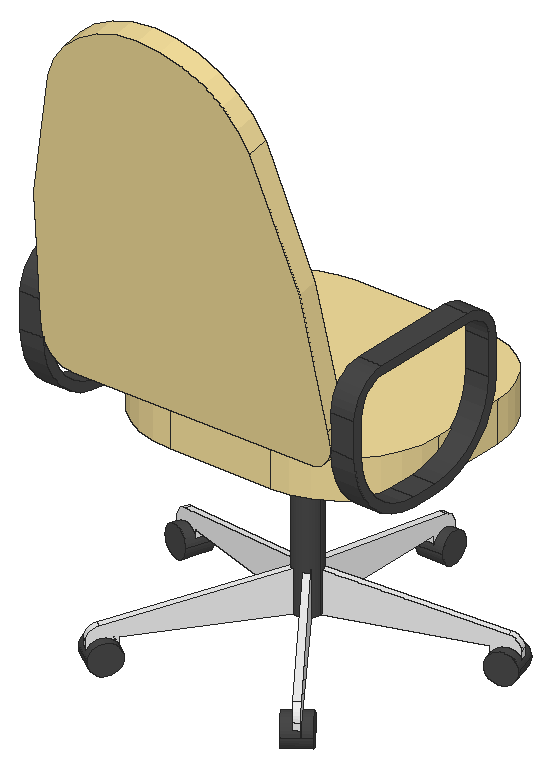
Revit family
Parameters (values of type "recept_chair")
  Assembly Code = ""
  Seat/Back Material = BVH - Leather (black)
  Legs = BVH - Metal (chair legs)
  Casters Material = BVH - Plastic (black, smooth)
  Base/Arms Material = BVH - Plastic (black)
Reference planes (in)
  plane 1 "Center Front/Back": y = 0
  plane 2: z = 0
  plane 3 "Center Left/Right": x = 0
  plane 4: x = -10.75
  plane 5: x = 10.75
  plane 6: through (0, -3.02322, -17.41385) normal (0, 0.9848, 0.1736)
Forms (in)
  Extrusion 1, solid, material "BVH - Metal (chair legs)" <- "Legs"
    sketch origin (0, -9.42335, -5.42794) x (0, 1, 0) y (0, 0, 1)
      loop
        line (20.92335, 7.53731) -> (20.92335, 6.53731) -> (22.92335, 6.53731) -> (22.92335, 7.49413)
        arc (22.92335, 7.49413) -> (22.68939, 8.13691) -> (22.097, 8.47893) r 1
        line (22.097, 8.47893) -> (10.42335, 10.53731) -> (9.42335, 10.53731) -> (9.42335, 7.53731) -> (20.92335, 7.53731)
    from 0.25 to -0.25
  Extrusion 2, solid, material "BVH - Plastic (black, smooth)" <- "Casters Material"
    sketch origin (0, -8.80898, -0.79815) x (0, 1, 0) y (0, 0, 1)
      loop
        circle (21.30898, 1.90752) r 1.10938
    from 1 to -1
  Extrusion 3, solid, material "BVH - Metal (chair legs)" <- "Legs"
    sketch origin (-8.96214, -2.91197, -5.42794) x (0.951057, 0.309017, 0) y (0, 0, 1)
      loop
        line (20.92335, 7.53731) -> (20.92335, 6.53731) -> (22.92335, 6.53731) -> (22.92335, 7.49413)
        arc (22.92335, 7.49413) -> (22.68939, 8.13691) -> (22.097, 8.47893) r 1
        line (22.097, 8.47893) -> (10.42335, 10.53731) -> (9.42335, 10.53731) -> (9.42335, 7.53731) -> (20.92335, 7.53731)
    from 0.25 to -0.25
  Extrusion 4, solid, material "BVH - Plastic (black, smooth)" <- "Casters Material"
    sketch origin (-8.37784, -2.72213, -0.79815) x (0.951057, 0.309017, 0) y (0, 0, 1)
      loop
        circle (21.30898, 1.90752) r 1.10938
    from 1 to -1
  Extrusion 5, solid, material "BVH - Metal (chair legs)" <- "Legs"
    sketch origin (8.96214, -2.91197, -5.42794) x (-0.951057, 0.309017, 0) y (0, 0, 1)
      loop
        line (20.92335, 7.53731) -> (20.92335, 6.53731) -> (22.92335, 6.53731) -> (22.92335, 7.49413)
        arc (22.92335, 7.49413) -> (22.68939, 8.13691) -> (22.097, 8.47893) r 1
        line (22.097, 8.47893) -> (10.42335, 10.53731) -> (9.42335, 10.53731) -> (9.42335, 7.53731) -> (20.92335, 7.53731)
    from 0.25 to -0.25
  Extrusion 6, solid, material "BVH - Plastic (black, smooth)" <- "Casters Material"
    sketch origin (8.37784, -2.72213, -0.79815) x (-0.951057, 0.309017, 0) y (0, 0, 1)
      loop
        circle (21.30898, 1.90752) r 1.10938
    from 1 to -1
  Extrusion 7, solid, material "BVH - Metal (chair legs)" <- "Legs"
    sketch origin (5.53891, 7.62365, -5.42794) x (-0.587785, -0.809017, 0) y (0, 0, 1)
      loop
        line (20.92335, 7.53731) -> (20.92335, 6.53731) -> (22.92335, 6.53731) -> (22.92335, 7.49413)
        arc (22.92335, 7.49413) -> (22.68939, 8.13691) -> (22.097, 8.47893) r 1
        line (22.097, 8.47893) -> (10.42335, 10.53731) -> (9.42335, 10.53731) -> (9.42335, 7.53731) -> (20.92335, 7.53731)
    from 0.25 to -0.25
  Extrusion 8, solid, material "BVH - Plastic (black, smooth)" <- "Casters Material"
    sketch origin (5.17779, 7.12662, -0.79815) x (-0.587785, -0.809017, 0) y (0, 0, 1)
      loop
        circle (21.30898, 1.90752) r 1.10938
    from 1 to -1
  Extrusion 9, solid, material "BVH - Metal (chair legs)" <- "Legs"
    sketch origin (-5.53891, 7.62365, -5.42794) x (0.587785, -0.809017, 0) y (0, 0, 1)
      loop
        line (20.92335, 7.53731) -> (20.92335, 6.53731) -> (22.92335, 6.53731) -> (22.92335, 7.49413)
        arc (22.92335, 7.49413) -> (22.68939, 8.13691) -> (22.097, 8.47893) r 1
        line (22.097, 8.47893) -> (10.42335, 10.53731) -> (9.42335, 10.53731) -> (9.42335, 7.53731) -> (20.92335, 7.53731)
    from 0.25 to -0.25
  Extrusion 10, solid, material "BVH - Plastic (black, smooth)" <- "Casters Material"
    sketch origin (-5.17779, 7.12662, -0.79815) x (0.587785, -0.809017, 0) y (0, 0, 1)
      loop
        circle (21.30898, 1.90752) r 1.10938
    from 1 to -1
  Extrusion 11, solid, material "BVH - Plastic (black)" <- "Base/Arms Material"
    sketch origin (0, 0, 0) x (1, 0, 0) y (0, 1, 0)
      loop
        circle (0, 0) r 1
    from 2.10938 to 15.125
  Extrusion 12, solid, material "BVH - Plastic (black)" <- "Base/Arms Material"
    sketch origin (0, -4.77864, -11.70384) x (0, 1, 0) y (0, 0, 1)
      loop
        line (6.77864, 26.82884) -> (3.27864, 26.82884) -> (3.27864, 22.86399) -> (4.77864, 22.86399) -> (6.77864, 26.32884) -> (6.77864, 26.82884)
    from 2 to -2
  Extrusion 13, solid, material "Chair_material - Yellow-pale"
    sketch origin (0, -1.69026, 0) x (1, 0, 0) y (0, 1, 0)
      loop
        arc (-4.75, 12.04263) -> (-8.99264, 10.28528) -> (-10.75, 6.04263) r 6
        line (-10.75, 6.04263) -> (-10.75, 0.54263)
        arc (-10.75, 0.54263) -> (-8.69975, -4.40711) -> (-3.75, -6.45737) r 7
        line (-3.75, -6.45737) -> (3.75, -6.45737)
        arc (3.75, -6.45737) -> (8.69975, -4.40711) -> (10.75, 0.54263) r 7
        line (10.75, 0.54263) -> (10.75, 6.04263)
        arc (10.75, 6.04263) -> (8.99264, 10.28528) -> (4.75, 12.04263) r 6
        line (4.75, 12.04263) -> (-4.75, 12.04263)
    from 15.10938 to 18
  Sweep 14, solid, material "BVH - Plastic (black)" <- "Base/Arms Material"
    path origin (0, -3.35733, 0) x (0, 1, 0) y (0, 0, 1)
      loop
        line (2.73233, 25.99861) -> (-5.26767, 25.99861)
        arc (-5.26767, 25.99861) -> (-6.68188, 25.41282) -> (-7.26767, 23.99861) r 2
        line (-7.26767, 23.99861) -> (-7.26767, 21.49861)
        arc (-7.26767, 21.49861) -> (-5.8032, 17.96307) -> (-2.26767, 16.49861) r 5
        line (-2.26767, 16.49861) -> (-0.26767, 16.49861)
        arc (-0.26767, 16.49861) -> (3.26786, 17.96307) -> (4.73233, 21.49861) r 5
        line (4.73233, 21.49861) -> (4.73233, 23.99861)
        arc (4.73233, 23.99861) -> (4.14654, 25.41282) -> (2.73233, 25.99861) r 2
    profile origin (0, -4.625, 25.99861) x (0, 0, -1) y (1, 0, 0)
      loop
        line (0, 10.75) -> (0, 12.5) -> (-0.625, 12.5) -> (-0.625, 10.75) -> (0, 10.75)
  Sweep 15, solid, material "BVH - Plastic (black)" <- "Base/Arms Material"
    path origin (-23.25, -3.35733, 0) x (0, 1, 0) y (0, 0, 1)
      loop
        line (2.73233, 25.99861) -> (-5.26767, 25.99861)
        arc (-5.26767, 25.99861) -> (-6.68188, 25.41282) -> (-7.26767, 23.99861) r 2
        line (-7.26767, 23.99861) -> (-7.26767, 21.49861)
        arc (-7.26767, 21.49861) -> (-5.8032, 17.96307) -> (-2.26767, 16.49861) r 5
        line (-2.26767, 16.49861) -> (-0.26767, 16.49861)
        arc (-0.26767, 16.49861) -> (3.26786, 17.96307) -> (4.73233, 21.49861) r 5
        line (4.73233, 21.49861) -> (4.73233, 23.99861)
        arc (4.73233, 23.99861) -> (4.14654, 25.41282) -> (2.73233, 25.99861) r 2
    profile origin (-23.25, -4.625, 25.99861) x (0, 0, -1) y (1, 0, 0)
      loop
        line (0, 10.75) -> (0, 12.5) -> (-0.625, 12.5) -> (-0.625, 10.75) -> (0, 10.75)
  Extrusion 16, solid, material "Chair_material - Yellow-pale"
    sketch origin (0, -7.52159, 0.29969) x (1, 0, 0) y (0, -0.173648, 0.984808)
      loop
        line (-8.75, 19.72656) -> (8.75, 19.72656)
        arc (8.75, 19.72656) -> (10.16421, 20.31235) -> (10.75, 21.72656) r 2
        line (10.75, 21.72656) -> (10.75, 22.85156)
        arc (10.75, 22.85156) -> (9.95142, 32.60822) -> (7.57692, 42.10515) r 60
        arc (7.57692, 42.10515) -> (0, 47.53801) -> (-7.57692, 42.10515) r 8
        arc (-7.57692, 42.10515) -> (-9.95142, 32.60822) -> (-10.75, 22.85156) r 60
        line (-10.75, 22.85156) -> (-10.75, 21.72656)
        arc (-10.75, 21.72656) -> (-10.16421, 20.31235) -> (-8.75, 19.72656) r 2
    from 0 to -1.5
Lines and regions (in)
  symbolic lines
    curve 1: arc (-4.75, 10.35238, 0) -> (-8.99264, 8.59502, 0) -> (-10.75, 4.35238, 0) r 6
    curve 2: line (4.75, 10.35238, 0) -> (-4.75, 10.35238, 0)
    curve 3: arc (10.75, 4.35238, 0) -> (8.99264, 8.59502, 0) -> (4.75, 10.35238, 0) r 6
    curve 4: line (10.75, -1.14762, 0) -> (10.75, 4.35238, 0)
    curve 5: arc (3.75, -8.14762, 0) -> (8.69975, -6.09737, 0) -> (10.75, -1.14762, 0) r 7
    curve 6: line (-3.75, -8.14762, 0) -> (3.75, -8.14762, 0)
    curve 7: arc (-10.75, -1.14762, 0) -> (-8.69975, -6.09737, 0) -> (-3.75, -8.14762, 0) r 7
    curve 8: line (-10.75, 4.35238, 0) -> (-10.75, -1.14762, 0)
    curve 9: line (-12.5, 2, 0) -> (-12.5, -11.25, 0)
    curve 10: line (-10.75, -11.48973, 0) -> (-10.75, 2, 0)
    curve 11: line (10.75, -1.14762, 0) -> (10.75, -11.48973, 0)
    curve 12: line (12.5, -11.25, 0) -> (12.5, 2, 0)
    curve 13: spline (7.57692, -14.83308, 0) -> (6.88612, -15.0944, 0) -> (5.9003, -15.32542, 0) -> (4.6617, -15.51626, 0) -> (3.22338, -15.65873, 0) -> (1.64697, -15.74672, 0) -> (0, -15.77648, 0) -> (-1.64697, -15.74672, 0) -> (-3.22338, -15.65873, 0) -> (-4.6617, -15.51626, 0) -> (-5.9003, -15.32542, 0) -> (-6.88612, -15.0944, 0) -> (-7.57692, -14.83308, 0)
    curve 14: spline (-7.57692, -14.83308, 0) -> (-8.07994, -14.56324, 0) -> (-8.54047, -14.29113, 0) -> (-8.95818, -14.01694, 0) -> (-9.33275, -13.74087, 0) -> (-9.66391, -13.46314, 0) -> (-9.95142, -13.18395, 0) -> (-10.19505, -12.9035, 0) -> (-10.39464, -12.62201, 0) -> (-10.55002, -12.33967, 0) -> (-10.66109, -12.05671, 0) -> (-10.72777, -11.77332, 0) -> (-10.75, -11.48973, 0)
    curve 15: spline (10.75, -11.48973, 0) -> (10.72777, -11.77332, 0) -> (10.66109, -12.05671, 0) -> (10.55002, -12.33967, 0) -> (10.39464, -12.62201, 0) -> (10.19505, -12.9035, 0) -> (9.95142, -13.18395, 0) -> (9.66391, -13.46314, 0) -> (9.33275, -13.74087, 0) -> (8.95818, -14.01694, 0) -> (8.54047, -14.29113, 0) -> (8.07994, -14.56324, 0) -> (7.57692, -14.83308, 0)
    curve 16: line (-10.74696, 4.54336, 0) -> (-12.63427, 5.15658, 0)
    curve 17: line (-13.2523, 3.25447, 0) -> (-11.14215, 2.56884, 0)
    curve 18: line (-1, 13.60937, 0) -> (-1, 11.39062, 0)
    curve 19: line (1, 11.39062, 0) -> (1, 13.60937, 0)
    curve 20: line (12.63427, 5.15658, 0) -> (10.74696, 4.54336, 0)
    curve 21: line (11.14215, 2.56884, 0) -> (13.2523, 3.25447, 0)
    curve 22: line (10.75, 2, 0) -> (12.5, 2, 0)
    curve 23: line (12.5, -11.25, 0) -> (10.75, -11.25, 0)
    curve 24: line (-12.5, -11.25, 0) -> (-10.75, -11.25, 0)
    curve 25: line (-12.5, 2, 0) -> (-10.75, 2, 0)
    curve 26: line (-13.2523, 3.25447, 0) -> (-12.63427, 5.15658, 0)
    curve 27: line (-11.14215, 2.56884, 0) -> (-10.75, 3.77574, 0)
    curve 28: line (13.2523, 3.25447, 0) -> (12.63427, 5.15658, 0)
    curve 29: line (11.14215, 2.56884, 0) -> (10.75, 3.77574, 0)
    curve 30: line (-1, 13.60937, 0) -> (1, 13.60937, 0)
    curve 31: line (1, 11.39062, 0) -> (-1, 11.39062, 0)
    curve 32: line (-0.25, 11.39062, 0) -> (-0.25, 10.35238, 0)
    curve 33: line (0.25, 11.39062, 0) -> (0.25, 10.35238, 0)
Dimensions and locks (in)
  equal spacing: plane 4, plane 3 "Center Left/Right", plane 5
  plane 4 to plane 5 = 1' - 9 1/2"
Automatic sketch dimensions
  Extrusion 1 sketch curve to plane 1 "Center Front/Back" = 0' - 0"
  Extrusion 1 sketch curve to plane 1 "Center Front/Back" = 0' - 1"
  level to Extrusion 1 sketch curve = 0' - 2 7/64"
  Extrusion 1 sketch curve to Extrusion 1 sketch curve = 0' - 10 1/2"
  Extrusion 1 sketch curve to Extrusion 1 sketch curve = 0' - 1"  (x3)
  Extrusion 1 sketch curve to Extrusion 1 sketch curve = 0' - 0.17365"
  Extrusion 1 sketch curve to Extrusion 1 sketch curve = 0' - 0.04319"
  Extrusion 1 sketch curve to Extrusion 1 sketch curve = 0' - 3"
  level to Extrusion 2 sketch curve = 0' - 1 7/64"
  Extrusion 2 sketch curve to plane 1 "Center Front/Back" = 1' - 0 1/2"
  level to Extrusion 3 sketch curve = 0' - 2 7/64"
  Extrusion 3 sketch curve to Extrusion 3 sketch curve = 0' - 1"  (x4)
  Extrusion 3 sketch curve to Extrusion 3 sketch curve = 0' - 10 1/2"
  Extrusion 3 sketch curve to Extrusion 3 sketch curve = 0' - 0.17365"
  Extrusion 3 sketch curve to Extrusion 3 sketch curve = 0' - 0.04319"
  Extrusion 3 sketch curve to Extrusion 3 sketch curve = 0' - 3"
  level to Extrusion 4 sketch curve = 0' - 1 7/64"
  level to Extrusion 5 sketch curve = 0' - 2 7/64"
  Extrusion 5 sketch curve to Extrusion 5 sketch curve = 0' - 1"  (x4)
  Extrusion 5 sketch curve to Extrusion 5 sketch curve = 0' - 10 1/2"
  Extrusion 5 sketch curve to Extrusion 5 sketch curve = 0' - 0.17365"
  Extrusion 5 sketch curve to Extrusion 5 sketch curve = 0' - 0.04319"
  Extrusion 5 sketch curve to Extrusion 5 sketch curve = 0' - 3"
  level to Extrusion 6 sketch curve = 0' - 1 7/64"
  level to Extrusion 7 sketch curve = 0' - 2 7/64"
  Extrusion 7 sketch curve to Extrusion 7 sketch curve = 0' - 1"  (x4)
  Extrusion 7 sketch curve to Extrusion 7 sketch curve = 0' - 10 1/2"
  Extrusion 7 sketch curve to Extrusion 7 sketch curve = 0' - 0.17365"
  Extrusion 7 sketch curve to Extrusion 7 sketch curve = 0' - 0.04319"
  Extrusion 7 sketch curve to Extrusion 7 sketch curve = 0' - 3"
  level to Extrusion 8 sketch curve = 0' - 1 7/64"
  level to Extrusion 9 sketch curve = 0' - 2 7/64"
  Extrusion 9 sketch curve to Extrusion 9 sketch curve = 0' - 1"  (x4)
  Extrusion 9 sketch curve to Extrusion 9 sketch curve = 0' - 10 1/2"
  Extrusion 9 sketch curve to Extrusion 9 sketch curve = 0' - 0.17365"
  Extrusion 9 sketch curve to Extrusion 9 sketch curve = 0' - 0.04319"
  Extrusion 9 sketch curve to Extrusion 9 sketch curve = 0' - 3"
  level to Extrusion 10 sketch curve = 0' - 1 7/64"
  Extrusion 11 sketch curve to plane 1 "Center Front/Back" = 0' - 0"
  Extrusion 11 sketch curve to plane 3 "Center Left/Right" = 0' - 0"
  Extrusion 12 sketch curve to plane 1 "Center Front/Back" = 0' - 0"
  plane 1 "Center Front/Back" to Extrusion 12 sketch curve = 0' - 1 1/2"
  Extrusion 12 sketch curve to plane 1 "Center Front/Back" = 0' - 2"
  level to Extrusion 12 sketch curve = 0' - 11 41/256"
  Extrusion 12 sketch curve to Extrusion 12 sketch curve = 0' - 3 119/256"
  Extrusion 12 sketch curve to Extrusion 12 sketch curve = 0' - 0 1/2"
  Extrusion 13 sketch curve to plane 4 = 0' - 0"
  Extrusion 13 sketch curve to plane 5 = 0' - 0"
  Extrusion 13 sketch curve to plane 3 "Center Left/Right" = 0' - 4 3/4"
  Extrusion 13 sketch curve to plane 3 "Center Left/Right" = 0' - 3 3/4"
  plane 3 "Center Left/Right" to Extrusion 13 sketch curve = 0' - 3 3/4"
  plane 3 "Center Left/Right" to Extrusion 13 sketch curve = 0' - 4 3/4"
  plane 1 "Center Front/Back" to Extrusion 13 sketch curve = 0' - 8.14762"
  Extrusion 13 sketch curve to plane 1 "Center Front/Back" = 0' - 4.35238"
  plane 1 "Center Front/Back" to Sweep 14 sketch curve = 0' - 10 5/8"
  Sweep 14 sketch curve to Sweep 14 sketch curve = 0' - 2"  (x2)
  plane 1 "Center Front/Back" to Sweep 14 sketch curve = 0' - 5 5/8"
  plane 1 "Center Front/Back" to Sweep 14 sketch curve = 0' - 3 5/8"
  plane 1 "Center Front/Back" to Sweep 14 sketch curve = 0' - 0 5/8"
  level to Sweep 14 sketch curve = 1' - 4.49861"
  Sweep 14 sketch curve to Sweep 14 sketch curve = 0' - 2 1/2"
  Sweep 14 sketch curve to profile plane = 0' - 0"
  profile plane to Sweep 14 sketch curve = 0' - 0 5/8"
  plane 3 "Center Left/Right" to Sweep 14 sketch curve = 0' - 10 3/4"
  Sweep 14 sketch curve to Sweep 14 sketch curve = 0' - 1 3/4"
  plane 1 "Center Front/Back" to Sweep 15 sketch curve = 0' - 10 5/8"
  Sweep 15 sketch curve to Sweep 15 sketch curve = 0' - 2"  (x2)
  plane 1 "Center Front/Back" to Sweep 15 sketch curve = 0' - 5 5/8"
  plane 1 "Center Front/Back" to Sweep 15 sketch curve = 0' - 3 5/8"
  plane 1 "Center Front/Back" to Sweep 15 sketch curve = 0' - 0 5/8"
  level to Sweep 15 sketch curve = 1' - 4.49861"
  Sweep 15 sketch curve to Sweep 15 sketch curve = 0' - 2 1/2"
  Sweep 15 sketch curve to profile plane = 0' - 0"
  Sweep 15 sketch curve to Sweep 15 sketch curve = 0' - 0 5/8"
  profile plane to Sweep 15 sketch curve = 0' - 10 3/4"
  Sweep 15 sketch curve to Sweep 15 sketch curve = 0' - 1 3/4"
  Extrusion 16 sketch curve to plane 4 = 0' - 0"
  Extrusion 16 sketch curve to plane 3 "Center Left/Right" = 0' - 0"
  Extrusion 16 sketch curve to plane 5 = 0' - 0"
  plane 4 to Extrusion 16 sketch curve = 0' - 2"
  plane 4 to Extrusion 16 sketch curve = 0' - 3.17308"
  Extrusion 16 sketch curve to Extrusion 16 sketch curve = 0' - 0"  (x2)
  plane 5 to Extrusion 16 sketch curve = 0' - 3.17308"
  plane 5 to Extrusion 16 sketch curve = 0' - 2"
  Extrusion 16 sketch curve to Extrusion 16 sketch curve = 0' - 1 1/8"
  Extrusion 16 sketch curve to Extrusion 16 sketch curve = 0' - 2.56715"
  curve 24 to plane 4 = 0' - 0"
  curve 27 to plane 4 = 0' - 0"
  curve 13 to plane 3 "Center Left/Right" = 0' - 0"
  curve 22 to plane 5 = 0' - 0"
  curve 17 to plane 4 = 0' - 0.39215"
  curve 9 to curve 24 = 0' - 1 3/4"
  curve 26 to plane 4 = 0' - 1.88427"
  curve 17 to curve 9 = 0' - 0.7523"
  plane 1 "Center Front/Back" to curve 15 = 0' - 11.48973"
  curve 15 to curve 9 = 3' - 0 3/4"
  plane 4 to curve 16 = 0' - 0.00304"
  plane 4 to curve 13 = 0' - 3.17308"
  curve 1 to plane 3 "Center Left/Right" = 0' - 4 3/4"
  curve 2 to curve 1 = 0' - 0"
  curve 6 to plane 3 "Center Left/Right" = 0' - 3 3/4"
  curve 30 to plane 3 "Center Left/Right" = 0' - 1"
  curve 32 to plane 3 "Center Left/Right" = 0' - 0 1/4"
  plane 3 "Center Left/Right" to curve 33 = 0' - 0 1/4"
  curve 33 to curve 19 = 0' - 0 3/4"
  plane 1 "Center Front/Back" to curve 5 = 0' - 1.14762"
  plane 3 "Center Left/Right" to curve 5 = 0' - 3 3/4"
  plane 5 to curve 15 = 0' - 3.17308"
  curve 15 to curve 13 = 0' - 0.42308"
  plane 5 to curve 20 = 0' - 0.00304"
  curve 21 to plane 5 = 0' - 0.39215"
  curve 21 to curve 12 = 0' - 1.35785"
  curve 20 to plane 5 = 0' - 1.88427"
  curve 12 to curve 21 = 0' - 0.7523"
  curve 12 to curve 14 = 3' - 0 3/4"
  plane 1 "Center Front/Back" to curve 14 = 0' - 11.48973"
  curve 13 to curve 6 = 0' - 6.23967"
  curve 15 to curve 13 = 0' - 0.44578"
  curve 15 to curve 12 = 0' - 0.23973"
  curve 10 to curve 9 = 0' - 0.23973"
  curve 12 to plane 1 "Center Front/Back" = 0' - 2"
  curve 9 to plane 1 "Center Front/Back" = 0' - 2"
  curve 22 to curve 21 = 0' - 0.56884"
  curve 10 to curve 27 = 0' - 0.56884"
  curve 9 to curve 17 = 0' - 1.25447"
  curve 12 to curve 21 = 0' - 1.25447"
  curve 33 to curve 31 = 0' - 1.03825"
  curve 18 to curve 30 = 0' - 2 7/32"
  radius of Extrusion 2 sketch curve = 0' - 1 7/64"
  radius of Extrusion 4 sketch curve = 0' - 1 7/64"
  radius of Extrusion 6 sketch curve = 0' - 1 7/64"
  radius of Extrusion 8 sketch curve = 0' - 1 7/64"
  radius of Extrusion 10 sketch curve = 0' - 1 7/64"
  radius of Extrusion 11 sketch curve = 0' - 1"
